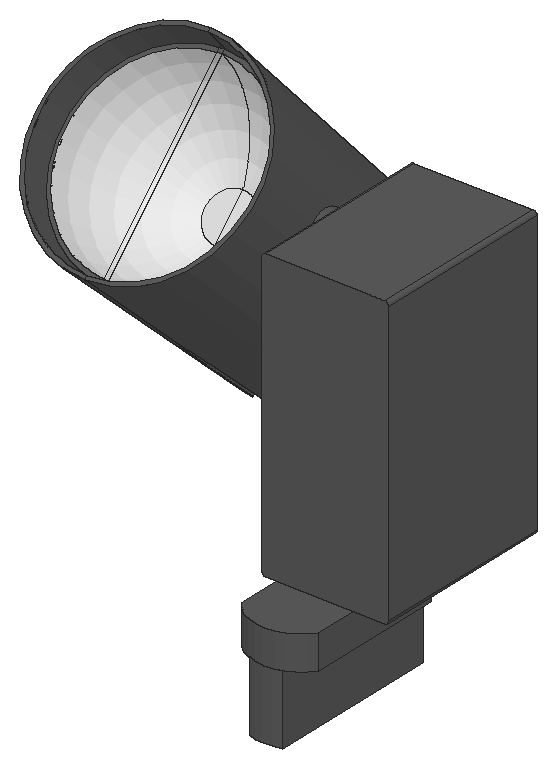
Revit family "0004949 Feilo Sylvania Lighting Fixture START TRACK SPOT S DALI 2141LM 940 MB BLK", category Lighting Fixtures, host Face, Revit 2017
Family settings
  Host = Face
  Round Connector Dimension = Use Diameter
  Part Type = Normal
  OmniClass Number = 23.80.70.00
  OmniClass Title = Lighting
  Cut with Voids When Loaded = No
  Light Source = No
  Shared = No
  Room Calculation Point = No
Parameters (values of type "0004949 START TRACK SPOT S DALI 2141LM 940 MB BLK")
  Weight = "0.966 kg"
  Wattage Comments = ""
  WarrantyStartDate [instance] = "n/a"
  WarrantyGuarantorParts = "n/a"
  WarrantyDurationUnit = "n/a"
  WarrantyDurationParts = "n/a"
  WarrantyDescription = "n/a"
  Voltage = 230 V
  URL = "http://www.sylvania-lighting.com/"
  TypeName = "START TRACK SPOT S DALI 2141LM 940 MB BLK"
  TypeHead_FEILO = Start Track Spot Head : 0004899 START TRACK SPOT S 24W 4K RA90 MB BLACK
  TypeBox_FEILO = Start Track Spot Box : Type Small Black
  Type Image = <None>
  Type Comments = "n/a"
  VerticalRotation_FEILO [instance] = 0.00°
  SlideEndAngle_FEILO [instance] = VerticalRotation_FEILO + 180.00°  # 180.00°
  SerialNumber [instance] = "n/a"
  Material_3_FEILO = none
  PowerFactor = 0.95
  PowerConsumption = "24 W"
  NominalLength = 0 mm
  NominalHeight = 200 mm
  NominalDepth = 140 mm
  Name = "START TRACK SPOT S DALI 2141LM 940 MB BLK"
  ModelReference = Name  # "START TRACK SPOT S DALI 2141LM 940 MB BLK"
  ModelNumber = "0004949"
  Model = Name  # "START TRACK SPOT S DALI 2141LM 940 MB BLK"
  Material = "adc12 aluminium housing, polycarbonate diffuser"
  ManufacturerName = "Feilo Sylvania"
  Manufacturer = "Feilo Sylvania"
  LuminousEfficacy = "89 lm/W"
  LuminaireType = ""
  LightOutputRatio = "100"
  LampsType = Lamp  # "LED"
  LampNominalLuminous = "2141 lm"
  LampMacAdamStep = "3"
  LampColourTemperature = "4000 K"
  LampColourRenderingIndex = "90"
  Lamp = "LED"
  Keynote = "16500"
  InstallationDate [instance] = "n/a"
  InputVoltage = "230-240V~"
  InputNominalFrequency = "50/60 Hz"
  IngressProtection = "IP20"
  ImpactProtectionIndex = "IK02"
  IfcExportType = "IfcLightFixtureType"
  IfcExportAs = "IfcLightFixtureType"
  HorizontalRotation_FEILO [instance] = 45.00°
  ExpectedLife = 50000
  ElectricShockClassification = "Class II"
  DurationUnit = "hours"
  DocumentationLiterature = "http://www.sylvania-lighting.com/product/en-int/products/0004899"
  DimmingControlOptions = "Dimmable"
  Material_2_FEILO = none
  Description = "Integrated LED spotlight, Textured Black - RAL9005, compact and minimalist design, ideal for retail applications, die-cast aluminium body, passive cooling heatsink. Beam angle: 36°, color temperature: 4000K , total system power: 24W, total fixture output: 2141 lm, LOR: 100%, colour rendering: Ra: 90 typical, LED Chromaticity: 3 step MacAdam ellipse, lifetime: >50000 hours at L70B50, energy class: A++, A+, A, IR/UV free light source without heat radiation, operating voltage: 220-240V / 50-60Hz, drive current: 600mA, electronic driver, non-dimmable, power factor: 0.95, electrical protection: Class II, Global Track 3 Phase adapter suitable for Global trac 3-circuit tracks, ingress protection rating: IP20, suitable for internal environment only, horizontal rotation: 355°, vertical tilt: 90°, dimensions: Ø86x140x200, weight: 0.966kg."
  Default Elevation = 1219.2 mm
  CreatedOn = "04/26/2018"
  CreatedBy = ""
  Cost = 0
  built-in parameter 1114216 [instance] = (empty or 0)
  ClassificationValue = "EF_70_80"
  ClassificationName = "Uniclass2015"
  Material_1_FEILO = Body-Sylvania-StartTrackSpot-Black
  BarCode [instance] = "n/a"
  AssetType = "Fixed"
  AssetIdentifier [instance] = "n/a"
  Assembly Code = "D5020200"
  Apparent Load = 24 VA
  Material_4_FEILO = none
Reference planes
  plane 1 "Center (Front/Back)": y = 0
  plane 2: z = 0
  plane 3 "Center (Left/Right)": x = 0
  plane 4: x = 15
  plane 5: x = -15
  plane 6: y = 35
  plane 7: y = -35
  plane 8: z = 13
  plane 9: z = -27
  plane 10: x = 6.5
  plane 11: x = -6.5
  plane 12: y = 27
  plane 13: y = -27
  plane 14: y = 20
Forms (mm)
  Extrusion 1, solid, material "Body-Sylvania-StartTrackSpot-Black" <- "Material_1_FEILO"
    sketch origin (0, 0, 0) x (1, 0, 0) y (0, 1, 0)
      loop
        line (-15, 27) -> (-15, -27)
        arc (-15, -27) -> (0, -35) -> (15, -27) r 18.062
        line (15, -27) -> (15, 27)
        arc (15, 27) -> (0, 35) -> (-15, 27) r 18.062
    from 0 to 13
  Extrusion 2, solid, material "Body-Sylvania-StartTrackSpot-Black" <- "Material_1_FEILO"
    sketch origin (0, 0, 0) x (1, 0, 0) y (0, 1, 0)
      loop
        arc (6.5, 33.79) -> (0, 35) -> (-6.5, 33.79) r 18.062
        line (-6.5, 33.79) -> (-6.5, -33.79)
        arc (-6.5, -33.79) -> (0, -35) -> (6.5, -33.79) r 18.062
        line (6.5, -33.79) -> (6.5, 33.79)
    from 0 to -27
  Revolve 3, solid, not visible
    sketch origin (1524, 20, 1219.2) x (1, 0, 0) y (0, 0, 1)
      loop
        line (-1524, -1206.2) -> (-1524, -1191.285) -> (-1530.5, -1191.285) -> (-1530.5, -1206.2) -> (-1524, -1206.2)
      axis (-1524, -1191.285) -> (-1524, -1206.2)
    angle from 0 <- "VerticalRotation_FEILO" to 180 <- "SlideEndAngle_FEILO"
Cuts and joins
  joined: Extrusion 1, Extrusion 2
Dimensions and locks
  equal spacing: plane 10, plane 3 "Center (Left/Right)", plane 11
  equal spacing: plane 4, plane 3 "Center (Left/Right)", plane 5
  locked: plane 8 to plane 2 at 13
  locked: plane 8 to plane 9 at 40
  equal spacing: plane 13, plane 1 "Center (Front/Back)", plane 12
  locked: plane 12 to plane 6 at 8
  locked: plane 14 to plane 6 at 15
  locked: Revolve 3 sketch curve to plane 8 at 14.915
  aligned and locked: plane 2 to host face
  aligned and locked: level to host face
  aligned and locked: plane 5 to Extrusion 1 sketch curve  (x2)
  aligned and locked: plane 12 to Extrusion 1 sketch curve
  aligned and locked: plane 13 to Extrusion 1 sketch curve
  aligned and locked: plane 4 to Extrusion 1 sketch curve
  aligned and locked: Extrusion 1 to plane 8
  aligned and locked: Extrusion 1 to level
  aligned and locked: Extrusion 2 sketch curve to Extrusion 1  (x2)
  aligned and locked: Extrusion 2 sketch curve to plane 11
  aligned and locked: plane 10 to Extrusion 2 sketch curve
  aligned and locked: plane 9 to Extrusion 2
  aligned and locked: level to Extrusion 2
  aligned and locked: Revolve 3 sketch curve to plane 3 "Center (Left/Right)"  (x2)
  aligned and locked: plane 11 to Revolve 3 sketch curve
  aligned and locked: Revolve 3 sketch curve to plane 8
Automatic sketch dimensions
  host sketch curve to host sketch curve = 2438.4 mm  (x2)
  Extrusion 1 sketch curve to plane 3 "Center (Left/Right)" = 0 mm  (x2)
  Extrusion 1 sketch curve to plane 13 = 10.062 mm
  plane 12 to Extrusion 1 sketch curve = 10.062 mm
  Revolve 3 sketch curve to plane 3 "Center (Left/Right)" = 0 mm
  plane 9 to Revolve 3 sketch curve = 582.6 mm
  Revolve 3 sketch curve to Revolve 3 sketch curve = 2581.144 mm
Nested families
  nested 1: "Start Track Spot Head" at (-62, 20, 112.529) x (0, 0.7071, 0.7071) z (0, 0.7071, -0.7071), type <- "TypeHead_FEILO", type "0004899 START TRACK SPOT S 24W 4K RA90 MB BLACK"
    with built-in parameter 1114216 (empty or 0)
  nested 2: "Start Track Spot Box" at (8.5, 20, 73) x (-1, 0, 0) z (0, -1, 0), BoxStartAngle_FEILO <- "HorizontalRotation_FEILO", type <- "TypeBox_FEILO", type "Type Small Black"
    with BoxStartAngle_FEILO 45.00°, BoxEndAngle_FEILO -135.00°
Connectors
  electrical at (0, 0, 0), driven by "Apparent Load", driven by "PowerFactor", driven by "Voltage"
    settings: index 1, voltage 230 V, apparent load 24 VA, apparent load phase1 0 VA, apparent load phase2 0 VA, apparent load phase3 0 VA, power factor 0.95, load classification "Lighting", number of poles 1, system type 30, power factor state 1, is connector primary yes, connector utility no, sub classification motor no, connector description ""
Definition of nested family "Start Track Spot Head"
  Parameters (values of type "0004811 START TRACK SPOT S 14W 3K RA80 NB WHITE")
    Wattage Comments = "n/a"
    Wattage = 14 W
    built-in parameter 1150110 = 1 (stored number, unit not read)
    URL = "http://www.feilosylvania.com"
    Type Image = (empty or 0)
    Type Comments = "n/a"
    built-in parameter 1114217 = 1 (stored number, unit not read)
    Tilt Angle = -90.00°
    built-in parameter 1150109 = 1 (stored number, unit not read)
    built-in parameter 1150134 = (empty or 0)
    built-in parameter 1150113 = 1 (stored number, unit not read)
    Photometric Web File = "0004811.ies"
    Material_3_FEILO = none
    Model = "START TRACK SPOT S 14W 3K RA80 NB WHITE"
    Manufacturer = "Feilo Sylvania"
    built-in parameter 1150105 = 123.66 (stored number, unit not read)
    Lumens = 1554 lm
    built-in parameter 1150115 = 1 (stored number, unit not read)
    built-in parameter 1150137 = (empty or 0)
    built-in parameter 1150139 = (empty or 0)
    built-in parameter 1150112 = 1 (stored number, unit not read)
    built-in parameter 1150114 = 1 (stored number, unit not read)
    Lamp = "LED"
    Keynote = "16500"
    Material_2_FEILO = none
    built-in parameter 1150132 = (empty or 0)
    built-in parameter 1150102 = (empty or 0)
    built-in parameter 1150107 = 3000 (stored number, unit not read)
    built-in parameter 1150138 = (empty or 0)
    built-in parameter 1150106 = 1.2366 (stored number, unit not read)
    HeadThickness_FEILO = if(HeadDiaOut_FEILO > 112 mm, 2 mm, 1.5 mm)  # 1.5 mm
    HeadRibOffset_FEILO = HeadHeight_FEILO / 28  # 4.179 mm
    HeadRibDepth_FEILO = HeadHeight_FEILO / 2.1  # 55.714 mm
    HeadRibCutWidth_FEILO = HeadDiaOut_FEILO / 12  # 7.167 mm
    HeadRibCutOffset_FEILO = HeadHeight_FEILO / 2.3  # 50.87 mm
    HeadReflectorRadius_FEILO = HeadDiaOut_FEILO / 1.7  # 50.588 mm
    HeadReflectorOffset_FEILO = HeadHeight_FEILO / 2.1  # 55.714 mm
    HeadLEDRadius_FEILO = HeadDiaOut_FEILO / 9  # 9.556 mm
    HeadHeight_FEILO = 117 mm
    HeadDraft_FEILO = 1 mm
    HeadDiffusorThickness_FEILO = 3 mm
    HeadDiffusorOffset_FEILO = HeadHeight_FEILO / 12.4  # 9.435 mm
    HeadDiaOut_FEILO = 86 mm
    HeadDiaIn_FEILO = HeadDiaOut_FEILO / 1.11  # 77.477 mm
    HeadAxisFromTop_FEILO = HeadHeight_FEILO / 1.687  # 69.354 mm
    Emit from Circle Diameter = HeadDiaIn_FEILO  # 77.477 mm
    Emit Shape Visible in Rendering = no
    built-in parameter 1150104 = 10.312 (stored number, unit not read)
    Dimming Lamp Color Temperature Shift = (empty or 0)
    Description = "Integrated LED spotlight, Textured White - RAL9016, compact and minimalist design, ideal for retail applications, die-cast aluminium body, passive cooling heatsink. Beam angle: 12°, color temperature: 3000K , total system power: 14W, total fixture output: 1551 lm, LOR: 100%, colour rendering: Ra: 80 typical, LED Chromaticity: 3 step MacAdam ellipse, lifetime: >50000 hours at L70B50, energy class: A++, A+, A, IR/UV free light source without heat radiation, operating voltage: 220-240V / 50-60Hz, drive current: 350mA, electronic driver, non-dimmable, power factor: 0.92, electrical protection: Class II, Global Track 3 Phase adapter suitable for Global trac 3-circuit tracks, ingress protection rating: IP20, suitable for internal environment only, horizontal rotation: 355°, vertical tilt: 90°, dimensions: Ø86x140x200, weight: 0.940kg."
    Default Elevation = 1219.2 mm
    Cost = 0
    Color Filter = 16777215
    built-in parameter 1114216 [instance] = (empty or 0)
    Material_1_FEILO = none
    built-in parameter 1114218 = 1 (stored number, unit not read)
    built-in parameter 1150133 = 10 (stored number, unit not read)
    Assembly Code = "D5020200"
    Apparent Load = 14 VA
    Material_4_FEILO = none
  Types (96, lengths in mm): name | Wattage | built-in parameter 1150134 | Photometric Web File | Model | built-in parameter 1150105 | Lumens | built-in parameter 1150107 | built-in parameter 1150106 | HeadThickness_FEILO | HeadRibOffset_FEILO | HeadRibDepth_FEILO | HeadRibCutWidth_FEILO | HeadRibCutOffset_FEILO | HeadReflectorRadius_FEILO | HeadReflectorOffset_FEILO | HeadLEDRadius_FEILO | HeadHeight_FEILO | HeadDiffusorOffset_FEILO | HeadDiaOut_FEILO | HeadDiaIn_FEILO | HeadAxisFromTop_FEILO | Emit from Circle Diameter | built-in parameter 1150104 | Description | Apparent Load
    0004906 START TRACK SPOT L 55W 4K RA90 WB BLACK | 55 W | 12 | "0004906.ies" | "START TRACK SPOT L 55W 4K RA90 WB BLACK" | 385.15 (stored number, unit not read) | 4840 lm | 4000 (stored number, unit not read) | 3.8515 (stored number, unit not read) | 2 | 4.429 | 59.048 | 9.417 | 53.913 | 66.471 | 59.048 | 12.556 | 124 | 10 | 113 | 101.802 | 73.503 | 101.802 | 8.1755 (stored number, unit not read) | "Integrated LED spotlight, Textured Black - RAL9005, compact and minimalist design, ideal for retail applications, die-cast aluminium body, passive cooling heatsink. Beam angle: 52°, color temperature: 4000K , total system power: 55W, total fixture output: 4824 lm, LOR: 100%, colour rendering: Ra: 90 typical, LED Chromaticity: 3 step MacAdam ellipse, lifetime: >50000 hours at L70B50, energy class: A++, A+, A, IR/UV free light source without heat radiation, operating voltage: 220-240V / 50-60Hz, drive current: 1400mA, electronic driver, non-dimmable, power factor: 0.96, electrical protection: Class II, Global Track 3 Phase adapter suitable for Global trac 3-circuit tracks, ingress protection rating: IP20, suitable for internal environment only, horizontal rotation: 355°, vertical tilt: 90°, dimensions: Ø113x164x240, weight: 1.398kg." | 55 VA
    0004905 START TRACK SPOT L 55W 4K RA90 MB BLACK | 55 W | 12 | "0004905.ies" | "START TRACK SPOT L 55W 4K RA90 MB BLACK" | 389.53 (stored number, unit not read) | 4895 lm | 4000 (stored number, unit not read) | 3.8953 (stored number, unit not read) | 2 | 4.429 | 59.048 | 9.417 | 53.913 | 66.471 | 59.048 | 12.556 | 124 | 10 | 113 | 101.802 | 73.503 | 101.802 | 8.2684 (stored number, unit not read) | "Integrated LED spotlight, Textured Black - RAL9005, compact and minimalist design, ideal for retail applications, die-cast aluminium body, passive cooling heatsink. Beam angle: 38°, color temperature: 4000K , total system power: 55W, total fixture output: 4897 lm, LOR: 100%, colour rendering: Ra: 90 typical, LED Chromaticity: 3 step MacAdam ellipse, lifetime: >50000 hours at L70B50, energy class: A++, A+, A, IR/UV free light source without heat radiation, operating voltage: 220-240V / 50-60Hz, drive current: 1400mA, electronic driver, non-dimmable, power factor: 0.96, electrical protection: Class II, Global Track 3 Phase adapter suitable for Global trac 3-circuit tracks, ingress protection rating: IP20, suitable for internal environment only, horizontal rotation: 355°, vertical tilt: 90°, dimensions: Ø113x164x240, weight: 1.398kg." | 55 VA
    0004904 START TRACK SPOT L 55W 4K RA90 NB BLACK | 55 W | 12 | "0004904.ies" | "START TRACK SPOT L 55W 4K RA90 NB BLACK" | 393.91 (stored number, unit not read) | 4950 lm | 4000 (stored number, unit not read) | 3.9391 (stored number, unit not read) | 2 | 4.429 | 59.048 | 9.417 | 53.913 | 66.471 | 59.048 | 12.556 | 124 | 10 | 113 | 101.802 | 73.503 | 101.802 | 8.3613 (stored number, unit not read) | "Integrated LED spotlight, Textured Black - RAL9005, compact and minimalist design, ideal for retail applications, die-cast aluminium body, passive cooling heatsink. Beam angle: 15°, color temperature: 4000K , total system power: 55W, total fixture output: 4965 lm, LOR: 100%, colour rendering: Ra: 90 typical, LED Chromaticity: 3 step MacAdam ellipse, lifetime: >50000 hours at L70B50, energy class: A++, A+, A, IR/UV free light source without heat radiation, operating voltage: 220-240V / 50-60Hz, drive current: 1400mA, electronic driver, non-dimmable, power factor: 0.96, electrical protection: Class II, Global Track 3 Phase adapter suitable for Global trac 3-circuit tracks, ingress protection rating: IP20, suitable for internal environment only, horizontal rotation: 355°, vertical tilt: 90°, dimensions: Ø113x164x240, weight: 1.398kg." | 55 VA
    0004903 START TRACK SPOT L 35W 4K RA90 WB BLACK | 35 W | 12 | "0004903.ies" | "START TRACK SPOT L 35W 4K RA90 WB BLACK" | 284.09 (stored number, unit not read) | 3570 lm | 4000 (stored number, unit not read) | 2.8409 (stored number, unit not read) | 2 | 4.429 | 59.048 | 9.417 | 53.913 | 66.471 | 59.048 | 12.556 | 124 | 10 | 113 | 101.802 | 73.503 | 101.802 | 9.4761 (stored number, unit not read) | "Integrated LED spotlight, Textured Black - RAL9005, compact and minimalist design, ideal for retail applications, die-cast aluminium body, passive cooling heatsink. Beam angle: 52°, color temperature: 4000K , total system power: 35W, total fixture output: 3562 lm, LOR: 100%, colour rendering: Ra: 90 typical, LED Chromaticity: 3 step MacAdam ellipse, lifetime: >50000 hours at L70B50, energy class: A++, A+, A, IR/UV free light source without heat radiation, operating voltage: 220-240V / 50-60Hz, drive current: 900mA, electronic driver, non-dimmable, power factor: 0.93, electrical protection: Class II, Global Track 3 Phase adapter suitable for Global trac 3-circuit tracks, ingress protection rating: IP20, suitable for internal environment only, horizontal rotation: 355°, vertical tilt: 90°, dimensions: Ø113x164x240, weight: 1.368kg." | 35 VA
    0004902 START TRACK SPOT L 35W 4K RA90 MB BLACK | 35 W | 12 | "0004902.ies" | "START TRACK SPOT L 35W 4K RA90 MB BLACK" | 286.88 (stored number, unit not read) | 3605 lm | 4000 (stored number, unit not read) | 2.8688 (stored number, unit not read) | 2 | 4.429 | 59.048 | 9.417 | 53.913 | 66.471 | 59.048 | 12.556 | 124 | 10 | 113 | 101.802 | 73.503 | 101.802 | 9.569 (stored number, unit not read) | "Integrated LED spotlight, Textured Black - RAL9005, compact and minimalist design, ideal for retail applications, die-cast aluminium body, passive cooling heatsink. Beam angle: 38°, color temperature: 4000K , total system power: 35W, total fixture output: 3616 lm, LOR: 100%, colour rendering: Ra: 90 typical, LED Chromaticity: 3 step MacAdam ellipse, lifetime: >50000 hours at L70B50, energy class: A++, A+, A, IR/UV free light source without heat radiation, operating voltage: 220-240V / 50-60Hz, drive current: 900mA, electronic driver, non-dimmable, power factor: 0.93, electrical protection: Class II, Global Track 3 Phase adapter suitable for Global trac 3-circuit tracks, ingress protection rating: IP20, suitable for internal environment only, horizontal rotation: 355°, vertical tilt: 90°, dimensions: Ø113x164x240, weight: 1.368kg." | 35 VA
    0004901 START TRACK SPOT L 35W 4K RA90 NB BLACK | 35 W | 12 | "0004901.ies" | "START TRACK SPOT L 35W 4K RA90 NB BLACK" | 286.88 (stored number, unit not read) | 3605 lm | 4000 (stored number, unit not read) | 2.8688 (stored number, unit not read) | 2 | 4.429 | 59.048 | 9.417 | 53.913 | 66.471 | 59.048 | 12.556 | 124 | 10 | 113 | 101.802 | 73.503 | 101.802 | 9.569 (stored number, unit not read) | "Integrated LED spotlight, Textured Black - RAL9005, compact and minimalist design, ideal for retail applications, die-cast aluminium body, passive cooling heatsink. Beam angle: 15°, color temperature: 4000K , total system power: 35W, total fixture output: 3593 lm, LOR: 100%, colour rendering: Ra: 90 typical, LED Chromaticity: 3 step MacAdam ellipse, lifetime: >50000 hours at L70B50, energy class: A++, A+, A, IR/UV free light source without heat radiation, operating voltage: 220-240V / 50-60Hz, drive current: 900mA, electronic driver, non-dimmable, power factor: 0.93, electrical protection: Class II, Global Track 3 Phase adapter suitable for Global trac 3-circuit tracks, ingress protection rating: IP20, suitable for internal environment only, horizontal rotation: 355°, vertical tilt: 90°, dimensions: Ø113x164x240, weight: 1.368kg." | 35 VA
    0004900 START TRACK SPOT S 24W 4K RA90 WB BLACK | 24 W | 12 | "0004900.ies" | "START TRACK SPOT S 24W 4K RA90 WB BLACK" | 166.16 (stored number, unit not read) | 2088 lm | 4000 (stored number, unit not read) | 1.6616 (stored number, unit not read) | 1.5 | 4.179 | 55.714 | 7.167 | 50.87 | 50.588 | 55.714 | 9.556 | 117 | 9.435 | 86 | 77.477 | 69.354 | 77.477 | 8.0826 (stored number, unit not read) | "Integrated LED spotlight, Textured Black - RAL9005, compact and minimalist design, ideal for retail applications, die-cast aluminium body, passive cooling heatsink. Beam angle: 64°, color temperature: 4000K , total system power: 24W, total fixture output: 2087 lm, LOR: 100%, colour rendering: Ra: 90 typical, LED Chromaticity: 3 step MacAdam ellipse, lifetime: >50000 hours at L70B50, energy class: A++, A+, A, IR/UV free light source without heat radiation, operating voltage: 220-240V / 50-60Hz, drive current: 600mA, electronic driver, non-dimmable, power factor: 0.95, electrical protection: Class II, Global Track 3 Phase adapter suitable for Global trac 3-circuit tracks, ingress protection rating: IP20, suitable for internal environment only, horizontal rotation: 355°, vertical tilt: 90°, dimensions: Ø86x140x200, weight: 0.966kg." | 24 VA
    0004899 START TRACK SPOT S 24W 4K RA90 MB BLACK | 24 W | 12 | "0004899.ies" | "START TRACK SPOT S 24W 4K RA90 MB BLACK" | 169.98 (stored number, unit not read) | 2136 lm | 4000 (stored number, unit not read) | 1.6998 (stored number, unit not read) | 1.5 | 4.179 | 55.714 | 7.167 | 50.87 | 50.588 | 55.714 | 9.556 | 117 | 9.435 | 86 | 77.477 | 69.354 | 77.477 | 8.2684 (stored number, unit not read) | "Integrated LED spotlight, Textured Black - RAL9005, compact and minimalist design, ideal for retail applications, die-cast aluminium body, passive cooling heatsink. Beam angle: 36°, color temperature: 4000K , total system power: 24W, total fixture output: 2141 lm, LOR: 100%, colour rendering: Ra: 90 typical, LED Chromaticity: 3 step MacAdam ellipse, lifetime: >50000 hours at L70B50, energy class: A++, A+, A, IR/UV free light source without heat radiation, operating voltage: 220-240V / 50-60Hz, drive current: 600mA, electronic driver, non-dimmable, power factor: 0.95, electrical protection: Class II, Global Track 3 Phase adapter suitable for Global trac 3-circuit tracks, ingress protection rating: IP20, suitable for internal environment only, horizontal rotation: 355°, vertical tilt: 90°, dimensions: Ø86x140x200, weight: 0.966kg." | 24 VA
    0004898 START TRACK SPOT S 24W 4K RA90 NB BLACK | 24 W | 12 | "0004898.ies" | "START TRACK SPOT S 24W 4K RA90 NB BLACK" | 171.89 (stored number, unit not read) | 2160 lm | 4000 (stored number, unit not read) | 1.7189 (stored number, unit not read) | 1.5 | 4.179 | 55.714 | 7.167 | 50.87 | 50.588 | 55.714 | 9.556 | 117 | 9.435 | 86 | 77.477 | 69.354 | 77.477 | 8.3613 (stored number, unit not read) | "Integrated LED spotlight, Textured Black - RAL9005, compact and minimalist design, ideal for retail applications, die-cast aluminium body, passive cooling heatsink. Beam angle: 12°, color temperature: 4000K , total system power: 24W, total fixture output: 2155 lm, LOR: 100%, colour rendering: Ra: 90 typical, LED Chromaticity: 3 step MacAdam ellipse, lifetime: >50000 hours at L70B50, energy class: A++, A+, A, IR/UV free light source without heat radiation, operating voltage: 220-240V / 50-60Hz, drive current: 600mA, electronic driver, non-dimmable, power factor: 0.95, electrical protection: Class II, Global Track 3 Phase adapter suitable for Global trac 3-circuit tracks, ingress protection rating: IP20, suitable for internal environment only, horizontal rotation: 355°, vertical tilt: 90°, dimensions: Ø86x140x200, weight: 0.966kg." | 24 VA
    0004897 START TRACK SPOT S 14W 4K RA90 WB BLACK | 14 W | 12 | "0004897.ies" | "START TRACK SPOT S 14W 4K RA90 WB BLACK" | 108.07 (stored number, unit not read) | 1358 lm | 4000 (stored number, unit not read) | 1.0807 (stored number, unit not read) | 1.5 | 4.179 | 55.714 | 7.167 | 50.87 | 50.588 | 55.714 | 9.556 | 117 | 9.435 | 86 | 77.477 | 69.354 | 77.477 | 9.0116 (stored number, unit not read) | "Integrated LED spotlight, Textured Black - RAL9005, compact and minimalist design, ideal for retail applications, die-cast aluminium body, passive cooling heatsink. Beam angle: 64°, color temperature: 4000K , total system power: 14W, total fixture output: 1352 lm, LOR: 100%, colour rendering: Ra: 90 typical, LED Chromaticity: 3 step MacAdam ellipse, lifetime: >50000 hours at L70B50, energy class: A++, A+, A, IR/UV free light source without heat radiation, operating voltage: 220-240V / 50-60Hz, drive current: 350mA, electronic driver, non-dimmable, power factor: 0.92, electrical protection: Class II, Global Track 3 Phase adapter suitable for Global trac 3-circuit tracks, ingress protection rating: IP20, suitable for internal environment only, horizontal rotation: 355°, vertical tilt: 90°, dimensions: Ø86x140x200, weight: 0.940kg." | 14 VA
    0004896 START TRACK SPOT S 14W 4K RA90 MB BLACK | 14 W | 12 | "0004896.ies" | "START TRACK SPOT S 14W 4K RA90 MB BLACK" | 108.07 (stored number, unit not read) | 1358 lm | 4000 (stored number, unit not read) | 1.0807 (stored number, unit not read) | 1.5 | 4.179 | 55.714 | 7.167 | 50.87 | 50.588 | 55.714 | 9.556 | 117 | 9.435 | 86 | 77.477 | 69.354 | 77.477 | 9.0116 (stored number, unit not read) | "Integrated LED spotlight, Textured Black - RAL9005, compact and minimalist design, ideal for retail applications, die-cast aluminium body, passive cooling heatsink. Beam angle: 36°, color temperature: 4000K , total system power: 14W, total fixture output: 1359 lm, LOR: 100%, colour rendering: Ra: 90 typical, LED Chromaticity: 3 step MacAdam ellipse, lifetime: >50000 hours at L70B50, energy class: A++, A+, A, IR/UV free light source without heat radiation, operating voltage: 220-240V / 50-60Hz, drive current: 350mA, electronic driver, non-dimmable, power factor: 0.92, electrical protection: Class II, Global Track 3 Phase adapter suitable for Global trac 3-circuit tracks, ingress protection rating: IP20, suitable for internal environment only, horizontal rotation: 355°, vertical tilt: 90°, dimensions: Ø86x140x200, weight: 0.940kg." | 14 VA
    0004895 START TRACK SPOT S 14W 4K RA90 NB BLACK | 14 W | 12 | "0004895.ies" | "START TRACK SPOT S 14W 4K RA90 NB BLACK" | 106.95 (stored number, unit not read) | 1344 lm | 4000 (stored number, unit not read) | 1.0695 (stored number, unit not read) | 1.5 | 4.179 | 55.714 | 7.167 | 50.87 | 50.588 | 55.714 | 9.556 | 117 | 9.435 | 86 | 77.477 | 69.354 | 77.477 | 8.9187 (stored number, unit not read) | "Integrated LED spotlight, Textured Black - RAL9005, compact and minimalist design, ideal for retail applications, die-cast aluminium body, passive cooling heatsink. Beam angle: 12°, color temperature: 4000K , total system power: 14W, total fixture output: 1349 lm, LOR: 100%, colour rendering: Ra: 90 typical, LED Chromaticity: 3 step MacAdam ellipse, lifetime: >50000 hours at L70B50, energy class: A++, A+, A, IR/UV free light source without heat radiation, operating voltage: 220-240V / 50-60Hz, drive current: 350mA, electronic driver, non-dimmable, power factor: 0.92, electrical protection: Class II, Global Track 3 Phase adapter suitable for Global trac 3-circuit tracks, ingress protection rating: IP20, suitable for internal environment only, horizontal rotation: 355°, vertical tilt: 90°, dimensions: Ø86x140x200, weight: 0.940kg." | 14 VA
    0004894 START TRACK SPOT L 55W 3K RA90 WB BLACK | 55 W | (empty or 0) | "0004894.ies" | "START TRACK SPOT L 55W 3K RA90 WB BLACK" | 350.14 (stored number, unit not read) | 4400 lm | 3000 (stored number, unit not read) | 3.5014 (stored number, unit not read) | 2 | 4.429 | 59.048 | 9.417 | 53.913 | 66.471 | 59.048 | 12.556 | 124 | 10 | 113 | 101.802 | 73.503 | 101.802 | 7.4322 (stored number, unit not read) | "Integrated LED spotlight, Textured Black - RAL9005, compact and minimalist design, ideal for retail applications, die-cast aluminium body, passive cooling heatsink. Beam angle: 52°, color temperature: 3000K , total system power: 55W, total fixture output: 4405 lm, LOR: 100%, colour rendering: Ra: 90 typical, LED Chromaticity: 3 step MacAdam ellipse, lifetime: >50000 hours at L70B50, energy class: A++, A+, A, IR/UV free light source without heat radiation, operating voltage: 220-240V / 50-60Hz, drive current: 1400mA, electronic driver, non-dimmable, power factor: 0.96, electrical protection: Class II, Global Track 3 Phase adapter suitable for Global trac 3-circuit tracks, ingress protection rating: IP20, suitable for internal environment only, horizontal rotation: 355°, vertical tilt: 90°, dimensions: Ø113x164x240, weight: 1.398kg." | 55 VA
    0004893 START TRACK SPOT L 55W 3K RA90 MB BLACK | 55 W | (empty or 0) | "0004893.ies" | "START TRACK SPOT L 55W 3K RA90 MB BLACK" | 354.52 (stored number, unit not read) | 4455 lm | 3000 (stored number, unit not read) | 3.5452 (stored number, unit not read) | 2 | 4.429 | 59.048 | 9.417 | 53.913 | 66.471 | 59.048 | 12.556 | 124 | 10 | 113 | 101.802 | 73.503 | 101.802 | 7.5251 (stored number, unit not read) | "Integrated LED spotlight, Textured Black - RAL9005, compact and minimalist design, ideal for retail applications, die-cast aluminium body, passive cooling heatsink. Beam angle: 38°, color temperature: 3000K , total system power: 55W, total fixture output: 4448 lm, LOR: 100%, colour rendering: Ra: 90 typical, LED Chromaticity: 3 step MacAdam ellipse, lifetime: >50000 hours at L70B50, energy class: A++, A+, A, IR/UV free light source without heat radiation, operating voltage: 220-240V / 50-60Hz, drive current: 1400mA, electronic driver, non-dimmable, power factor: 0.96, electrical protection: Class II, Global Track 3 Phase adapter suitable for Global trac 3-circuit tracks, ingress protection rating: IP20, suitable for internal environment only, horizontal rotation: 355°, vertical tilt: 90°, dimensions: Ø113x164x240, weight: 1.398kg." | 55 VA
    0004892 START TRACK SPOT L 55W 3K RA90 NB BLACK | 55 W | (empty or 0) | "0004892.ies" | "START TRACK SPOT L 55W 3K RA90 NB BLACK" | 350.14 (stored number, unit not read) | 4400 lm | 3000 (stored number, unit not read) | 3.5014 (stored number, unit not read) | 2 | 4.429 | 59.048 | 9.417 | 53.913 | 66.471 | 59.048 | 12.556 | 124 | 10 | 113 | 101.802 | 73.503 | 101.802 | 7.4322 (stored number, unit not read) | "Integrated LED spotlight, Textured Black - RAL9005, compact and minimalist design, ideal for retail applications, die-cast aluminium body, passive cooling heatsink. Beam angle: 15°, color temperature: 3000K , total system power: 55W, total fixture output: 4416 lm, LOR: 100%, colour rendering: Ra: 90 typical, LED Chromaticity: 3 step MacAdam ellipse, lifetime: >50000 hours at L70B50, energy class: A++, A+, A, IR/UV free light source without heat radiation, operating voltage: 220-240V / 50-60Hz, drive current: 1400mA, electronic driver, non-dimmable, power factor: 0.96, electrical protection: Class II, Global Track 3 Phase adapter suitable for Global trac 3-circuit tracks, ingress protection rating: IP20, suitable for internal environment only, horizontal rotation: 355°, vertical tilt: 90°, dimensions: Ø113x164x240, weight: 1.398kg." | 55 VA
    0004891 START TRACK SPOT L 35W 3K RA90 WB BLACK | 35 W | (empty or 0) | "0004891.ies" | "START TRACK SPOT L 35W 3K RA90 WB BLACK" | 259.02 (stored number, unit not read) | 3255 lm | 3000 (stored number, unit not read) | 2.5902 (stored number, unit not read) | 2 | 4.429 | 59.048 | 9.417 | 53.913 | 66.471 | 59.048 | 12.556 | 124 | 10 | 113 | 101.802 | 73.503 | 101.802 | 8.64 (stored number, unit not read) | "Integrated LED spotlight, Textured Black - RAL9005, compact and minimalist design, ideal for retail applications, die-cast aluminium body, passive cooling heatsink. Beam angle: 52°, color temperature: 3000K , total system power: 35W, total fixture output: 3260 lm, LOR: 100%, colour rendering: Ra: 90 typical, LED Chromaticity: 3 step MacAdam ellipse, lifetime: >50000 hours at L70B50, energy class: A++, A+, A, IR/UV free light source without heat radiation, operating voltage: 220-240V / 50-60Hz, drive current: 900mA, electronic driver, non-dimmable, power factor: 0.93, electrical protection: Class II, Global Track 3 Phase adapter suitable for Global trac 3-circuit tracks, ingress protection rating: IP20, suitable for internal environment only, horizontal rotation: 355°, vertical tilt: 90°, dimensions: Ø113x164x240, weight: 1.368kg." | 35 VA
    0004890 START TRACK SPOT L 35W 3K RA90 MB BLACK | 35 W | (empty or 0) | "0004890.ies" | "START TRACK SPOT L 35W 3K RA90 MB BLACK" | 261.81 (stored number, unit not read) | 3290 lm | 3000 (stored number, unit not read) | 2.6181 (stored number, unit not read) | 2 | 4.429 | 59.048 | 9.417 | 53.913 | 66.471 | 59.048 | 12.556 | 124 | 10 | 113 | 101.802 | 73.503 | 101.802 | 8.7329 (stored number, unit not read) | "Integrated LED spotlight, Textured Black - RAL9005, compact and minimalist design, ideal for retail applications, die-cast aluminium body, passive cooling heatsink. Beam angle: 38°, color temperature: 3000K , total system power: 35W, total fixture output: 3306 lm, LOR: 100%, colour rendering: Ra: 90 typical, LED Chromaticity: 3 step MacAdam ellipse, lifetime: >50000 hours at L70B50, energy class: A++, A+, A, IR/UV free light source without heat radiation, operating voltage: 220-240V / 50-60Hz, drive current: 900mA, electronic driver, non-dimmable, power factor: 0.93, electrical protection: Class II, Global Track 3 Phase adapter suitable for Global trac 3-circuit tracks, ingress protection rating: IP20, suitable for internal environment only, horizontal rotation: 355°, vertical tilt: 90°, dimensions: Ø113x164x240, weight: 1.368kg." | 35 VA
    0004889 START TRACK SPOT L 35W 3K RA90 NB BLACK | 35 W | (empty or 0) | "0004889.ies" | "START TRACK SPOT L 35W 3K RA90 NB BLACK" | 261.81 (stored number, unit not read) | 3290 lm | 3000 (stored number, unit not read) | 2.6181 (stored number, unit not read) | 2 | 4.429 | 59.048 | 9.417 | 53.913 | 66.471 | 59.048 | 12.556 | 124 | 10 | 113 | 101.802 | 73.503 | 101.802 | 8.7329 (stored number, unit not read) | "Integrated LED spotlight, Textured Black - RAL9005, compact and minimalist design, ideal for retail applications, die-cast aluminium body, passive cooling heatsink. Beam angle: 15°, color temperature: 3000K , total system power: 35W, total fixture output: 3287 lm, LOR: 100%, colour rendering: Ra: 90 typical, LED Chromaticity: 3 step MacAdam ellipse, lifetime: >50000 hours at L70B50, energy class: A++, A+, A, IR/UV free light source without heat radiation, operating voltage: 220-240V / 50-60Hz, drive current: 900mA, electronic driver, non-dimmable, power factor: 0.93, electrical protection: Class II, Global Track 3 Phase adapter suitable for Global trac 3-circuit tracks, ingress protection rating: IP20, suitable for internal environment only, horizontal rotation: 355°, vertical tilt: 90°, dimensions: Ø113x164x240, weight: 1.368kg." | 35 VA
    0004888 START TRACK SPOT S 24W 3K RA90 WB BLACK | 24 W | (empty or 0) | "0004888.ies" | "START TRACK SPOT S 24W 3K RA90 WB BLACK" | 152.79 (stored number, unit not read) | 1920 lm | 3000 (stored number, unit not read) | 1.5279 (stored number, unit not read) | 1.5 | 4.179 | 55.714 | 7.167 | 50.87 | 50.588 | 55.714 | 9.556 | 117 | 9.435 | 86 | 77.477 | 69.354 | 77.477 | 7.4322 (stored number, unit not read) | "Integrated LED spotlight, Textured Black - RAL9005, compact and minimalist design, ideal for retail applications, die-cast aluminium body, passive cooling heatsink. Beam angle: 64°, color temperature: 3000K , total system power: 24W, total fixture output: 1928 lm, LOR: 100%, colour rendering: Ra: 90 typical, LED Chromaticity: 3 step MacAdam ellipse, lifetime: >50000 hours at L70B50, energy class: A++, A+, A, IR/UV free light source without heat radiation, operating voltage: 220-240V / 50-60Hz, drive current: 600mA, electronic driver, non-dimmable, power factor: 0.95, electrical protection: Class II, Global Track 3 Phase adapter suitable for Global trac 3-circuit tracks, ingress protection rating: IP20, suitable for internal environment only, horizontal rotation: 355°, vertical tilt: 90°, dimensions: Ø86x140x200, weight: 0.966kg." | 24 VA
    0004887 START TRACK SPOT S 24W 3K RA90 MB BLACK | 24 W | (empty or 0) | "0004887.ies" | "START TRACK SPOT S 24W 3K RA90 MB BLACK" | 154.7 (stored number, unit not read) | 1944 lm | 3000 (stored number, unit not read) | 1.547 (stored number, unit not read) | 1.5 | 4.179 | 55.714 | 7.167 | 50.87 | 50.588 | 55.714 | 9.556 | 117 | 9.435 | 86 | 77.477 | 69.354 | 77.477 | 7.5251 (stored number, unit not read) | "Integrated LED spotlight, Textured Black - RAL9005, compact and minimalist design, ideal for retail applications, die-cast aluminium body, passive cooling heatsink. Beam angle: 36°, color temperature: 3000K , total system power: 24W, total fixture output: 1944 lm, LOR: 100%, colour rendering: Ra: 90 typical, LED Chromaticity: 3 step MacAdam ellipse, lifetime: >50000 hours at L70B50, energy class: A++, A+, A, IR/UV free light source without heat radiation, operating voltage: 220-240V / 50-60Hz, drive current: 600mA, electronic driver, non-dimmable, power factor: 0.95, electrical protection: Class II, Global Track 3 Phase adapter suitable for Global trac 3-circuit tracks, ingress protection rating: IP20, suitable for internal environment only, horizontal rotation: 355°, vertical tilt: 90°, dimensions: Ø86x140x200, weight: 0.966kg." | 24 VA
    0004886 START TRACK SPOT S 24W 3K RA90 NB BLACK | 24 W | (empty or 0) | "0004886.ies" | "START TRACK SPOT S 24W 3K RA90 NB BLACK" | 158.52 (stored number, unit not read) | 1992 lm | 3000 (stored number, unit not read) | 1.5852 (stored number, unit not read) | 1.5 | 4.179 | 55.714 | 7.167 | 50.87 | 50.588 | 55.714 | 9.556 | 117 | 9.435 | 86 | 77.477 | 69.354 | 77.477 | 7.711 (stored number, unit not read) | "Integrated LED spotlight, Textured Black - RAL9005, compact and minimalist design, ideal for retail applications, die-cast aluminium body, passive cooling heatsink. Beam angle: 12°, color temperature: 3000K , total system power: 24W, total fixture output: 1987 lm, LOR: 100%, colour rendering: Ra: 90 typical, LED Chromaticity: 3 step MacAdam ellipse, lifetime: >50000 hours at L70B50, energy class: A++, A+, A, IR/UV free light source without heat radiation, operating voltage: 220-240V / 50-60Hz, drive current: 600mA, electronic driver, non-dimmable, power factor: 0.95, electrical protection: Class II, Global Track 3 Phase adapter suitable for Global trac 3-circuit tracks, ingress protection rating: IP20, suitable for internal environment only, horizontal rotation: 355°, vertical tilt: 90°, dimensions: Ø86x140x200, weight: 0.966kg." | 24 VA
    0004885 START TRACK SPOT S 14W 3K RA90 WB BLACK | 14 W | (empty or 0) | "0004885.ies" | "START TRACK SPOT S 14W 3K RA90 WB BLACK" | 100.27 (stored number, unit not read) | 1260 lm | 3000 (stored number, unit not read) | 1.0027 (stored number, unit not read) | 1.5 | 4.179 | 55.714 | 7.167 | 50.87 | 50.588 | 55.714 | 9.556 | 117 | 9.435 | 86 | 77.477 | 69.354 | 77.477 | 8.3613 (stored number, unit not read) | "Integrated LED spotlight, Textured Black - RAL9005, compact and minimalist design, ideal for retail applications, die-cast aluminium body, passive cooling heatsink. Beam angle: 64°, color temperature: 3000K , total system power: 14W, total fixture output: 1262 lm, LOR: 100%, colour rendering: Ra: 90 typical, LED Chromaticity: 3 step MacAdam ellipse, lifetime: >50000 hours at L70B50, energy class: A++, A+, A, IR/UV free light source without heat radiation, operating voltage: 220-240V / 50-60Hz, drive current: 350mA, electronic driver, non-dimmable, power factor: 0.92, electrical protection: Class II, Global Track 3 Phase adapter suitable for Global trac 3-circuit tracks, ingress protection rating: IP20, suitable for internal environment only, horizontal rotation: 355°, vertical tilt: 90°, dimensions: Ø86x140x200, weight: 0.940kg." | 14 VA
    0004884 START TRACK SPOT S 14W 3K RA90 MB BLACK | 14 W | (empty or 0) | "0004884.ies" | "START TRACK SPOT S 14W 3K RA90 MB BLACK" | 100.27 (stored number, unit not read) | 1260 lm | 3000 (stored number, unit not read) | 1.0027 (stored number, unit not read) | 1.5 | 4.179 | 55.714 | 7.167 | 50.87 | 50.588 | 55.714 | 9.556 | 117 | 9.435 | 86 | 77.477 | 69.354 | 77.477 | 8.3613 (stored number, unit not read) | "Integrated LED spotlight, Textured Black - RAL9005, compact and minimalist design, ideal for retail applications, die-cast aluminium body, passive cooling heatsink. Beam angle: 36°, color temperature: 3000K , total system power: 14W, total fixture output: 1262 lm, LOR: 100%, colour rendering: Ra: 90 typical, LED Chromaticity: 3 step MacAdam ellipse, lifetime: >50000 hours at L70B50, energy class: A++, A+, A, IR/UV free light source without heat radiation, operating voltage: 220-240V / 50-60Hz, drive current: 350mA, electronic driver, non-dimmable, power factor: 0.92, electrical protection: Class II, Global Track 3 Phase adapter suitable for Global trac 3-circuit tracks, ingress protection rating: IP20, suitable for internal environment only, horizontal rotation: 355°, vertical tilt: 90°, dimensions: Ø86x140x200, weight: 0.940kg." | 14 VA
    0004883 START TRACK SPOT S 14W 3K RA90 NB BLACK | 14 W | (empty or 0) | "0004883.ies" | "START TRACK SPOT S 14W 3K RA90 NB BLACK" | 102.5 (stored number, unit not read) | 1288 lm | 3000 (stored number, unit not read) | 1.025 (stored number, unit not read) | 1.5 | 4.179 | 55.714 | 7.167 | 50.87 | 50.588 | 55.714 | 9.556 | 117 | 9.435 | 86 | 77.477 | 69.354 | 77.477 | 8.5471 (stored number, unit not read) | "Integrated LED spotlight, Textured Black - RAL9005, compact and minimalist design, ideal for retail applications, die-cast aluminium body, passive cooling heatsink. Beam angle: 12°, color temperature: 3000K , total system power: 14W, total fixture output: 1284 lm, LOR: 100%, colour rendering: Ra: 90 typical, LED Chromaticity: 3 step MacAdam ellipse, lifetime: >50000 hours at L70B50, energy class: A++, A+, A, IR/UV free light source without heat radiation, operating voltage: 220-240V / 50-60Hz, drive current: 350mA, electronic driver, non-dimmable, power factor: 0.92, electrical protection: Class II, Global Track 3 Phase adapter suitable for Global trac 3-circuit tracks, ingress protection rating: IP20, suitable for internal environment only, horizontal rotation: 355°, vertical tilt: 90°, dimensions: Ø86x140x200, weight: 0.940kg." | 14 VA
    0004882 START TRACK SPOT L 55W 4K RA90 WB WHITE | 55 W | 12 | "0004882.ies" | "START TRACK SPOT L 55W 4K RA90 WB WHITE" | 385.15 (stored number, unit not read) | 4840 lm | 4000 (stored number, unit not read) | 3.8515 (stored number, unit not read) | 2 | 4.429 | 59.048 | 9.417 | 53.913 | 66.471 | 59.048 | 12.556 | 124 | 10 | 113 | 101.802 | 73.503 | 101.802 | 8.1755 (stored number, unit not read) | "Integrated LED spotlight, Textured White - RAL9016, compact and minimalist design, ideal for retail applications, die-cast aluminium body, passive cooling heatsink. Beam angle: 52°, color temperature: 4000K , total system power: 55W, total fixture output: 4824 lm, LOR: 100%, colour rendering: Ra: 90 typical, LED Chromaticity: 3 step MacAdam ellipse, lifetime: >50000 hours at L70B50, energy class: A++, A+, A, IR/UV free light source without heat radiation, operating voltage: 220-240V / 50-60Hz, drive current: 1400mA, electronic driver, non-dimmable, power factor: 0.96, electrical protection: Class II, Global Track 3 Phase adapter suitable for Global trac 3-circuit tracks, ingress protection rating: IP20, suitable for internal environment only, horizontal rotation: 355°, vertical tilt: 90°, dimensions: Ø113x164x240, weight: 1.398kg." | 55 VA
    0004881 START TRACK SPOT L 55W 4K RA90 MB WHITE | 55 W | 12 | "0004881.ies" | "START TRACK SPOT L 55W 4K RA90 MB WHITE" | 389.53 (stored number, unit not read) | 4895 lm | 4000 (stored number, unit not read) | 3.8953 (stored number, unit not read) | 2 | 4.429 | 59.048 | 9.417 | 53.913 | 66.471 | 59.048 | 12.556 | 124 | 10 | 113 | 101.802 | 73.503 | 101.802 | 8.2684 (stored number, unit not read) | "Integrated LED spotlight, Textured White - RAL9016, compact and minimalist design, ideal for retail applications, die-cast aluminium body, passive cooling heatsink. Beam angle: 38°, color temperature: 4000K , total system power: 55W, total fixture output: 4897 lm, LOR: 100%, colour rendering: Ra: 90 typical, LED Chromaticity: 3 step MacAdam ellipse, lifetime: >50000 hours at L70B50, energy class: A++, A+, A, IR/UV free light source without heat radiation, operating voltage: 220-240V / 50-60Hz, drive current: 1400mA, electronic driver, non-dimmable, power factor: 0.96, electrical protection: Class II, Global Track 3 Phase adapter suitable for Global trac 3-circuit tracks, ingress protection rating: IP20, suitable for internal environment only, horizontal rotation: 355°, vertical tilt: 90°, dimensions: Ø113x164x240, weight: 1.398kg." | 55 VA
    0004880 START TRACK SPOT L 55W 4K RA90 NB WHITE | 55 W | 12 | "0004880.ies" | "START TRACK SPOT L 55W 4K RA90 NB WHITE" | 393.91 (stored number, unit not read) | 4950 lm | 4000 (stored number, unit not read) | 3.9391 (stored number, unit not read) | 2 | 4.429 | 59.048 | 9.417 | 53.913 | 66.471 | 59.048 | 12.556 | 124 | 10 | 113 | 101.802 | 73.503 | 101.802 | 8.3613 (stored number, unit not read) | "Integrated LED spotlight, Textured White - RAL9016, compact and minimalist design, ideal for retail applications, die-cast aluminium body, passive cooling heatsink. Beam angle: 15°, color temperature: 4000K , total system power: 55W, total fixture output: 4965 lm, LOR: 100%, colour rendering: Ra: 90 typical, LED Chromaticity: 3 step MacAdam ellipse, lifetime: >50000 hours at L70B50, energy class: A++, A+, A, IR/UV free light source without heat radiation, operating voltage: 220-240V / 50-60Hz, drive current: 1400mA, electronic driver, non-dimmable, power factor: 0.96, electrical protection: Class II, Global Track 3 Phase adapter suitable for Global trac 3-circuit tracks, ingress protection rating: IP20, suitable for internal environment only, horizontal rotation: 355°, vertical tilt: 90°, dimensions: Ø113x164x240, weight: 1.398kg." | 55 VA
    0004879 START TRACK SPOT L 35W 4K RA90 WB WHITE | 35 W | 12 | "0004879.ies" | "START TRACK SPOT L 35W 4K RA90 WB WHITE" | 284.09 (stored number, unit not read) | 3570 lm | 4000 (stored number, unit not read) | 2.8409 (stored number, unit not read) | 2 | 4.429 | 59.048 | 9.417 | 53.913 | 66.471 | 59.048 | 12.556 | 124 | 10 | 113 | 101.802 | 73.503 | 101.802 | 9.4761 (stored number, unit not read) | "Integrated LED spotlight, Textured White - RAL9016, compact and minimalist design, ideal for retail applications, die-cast aluminium body, passive cooling heatsink. Beam angle: 52°, color temperature: 4000K , total system power: 35W, total fixture output: 3562 lm, LOR: 100%, colour rendering: Ra: 90 typical, LED Chromaticity: 3 step MacAdam ellipse, lifetime: >50000 hours at L70B50, energy class: A++, A+, A, IR/UV free light source without heat radiation, operating voltage: 220-240V / 50-60Hz, drive current: 900mA, electronic driver, non-dimmable, power factor: 0.93, electrical protection: Class II, Global Track 3 Phase adapter suitable for Global trac 3-circuit tracks, ingress protection rating: IP20, suitable for internal environment only, horizontal rotation: 355°, vertical tilt: 90°, dimensions: Ø113x164x240, weight: 1.368kg." | 35 VA
    0004878 START TRACK SPOT L 35W 4K RA90 MB WHITE | 35 W | 12 | "0004878.ies" | "START TRACK SPOT L 35W 4K RA90 MB WHITE" | 286.88 (stored number, unit not read) | 3605 lm | 4000 (stored number, unit not read) | 2.8688 (stored number, unit not read) | 2 | 4.429 | 59.048 | 9.417 | 53.913 | 66.471 | 59.048 | 12.556 | 124 | 10 | 113 | 101.802 | 73.503 | 101.802 | 9.569 (stored number, unit not read) | "Integrated LED spotlight, Textured White - RAL9016, compact and minimalist design, ideal for retail applications, die-cast aluminium body, passive cooling heatsink. Beam angle: 38°, color temperature: 4000K , total system power: 35W, total fixture output: 3616 lm, LOR: 100%, colour rendering: Ra: 90 typical, LED Chromaticity: 3 step MacAdam ellipse, lifetime: >50000 hours at L70B50, energy class: A++, A+, A, IR/UV free light source without heat radiation, operating voltage: 220-240V / 50-60Hz, drive current: 900mA, electronic driver, non-dimmable, power factor: 0.93, electrical protection: Class II, Global Track 3 Phase adapter suitable for Global trac 3-circuit tracks, ingress protection rating: IP20, suitable for internal environment only, horizontal rotation: 355°, vertical tilt: 90°, dimensions: Ø113x164x240, weight: 1.368kg." | 35 VA
    0004877 START TRACK SPOT L 35W 4K RA90 NB WHITE | 35 W | 12 | "0004877.ies" | "START TRACK SPOT L 35W 4K RA90 NB WHITE" | 286.88 (stored number, unit not read) | 3605 lm | 4000 (stored number, unit not read) | 2.8688 (stored number, unit not read) | 2 | 4.429 | 59.048 | 9.417 | 53.913 | 66.471 | 59.048 | 12.556 | 124 | 10 | 113 | 101.802 | 73.503 | 101.802 | 9.569 (stored number, unit not read) | "Integrated LED spotlight, Textured White - RAL9016, compact and minimalist design, ideal for retail applications, die-cast aluminium body, passive cooling heatsink. Beam angle: 15°, color temperature: 4000K , total system power: 35W, total fixture output: 3593 lm, LOR: 100%, colour rendering: Ra: 90 typical, LED Chromaticity: 3 step MacAdam ellipse, lifetime: >50000 hours at L70B50, energy class: A++, A+, A, IR/UV free light source without heat radiation, operating voltage: 220-240V / 50-60Hz, drive current: 900mA, electronic driver, non-dimmable, power factor: 0.93, electrical protection: Class II, Global Track 3 Phase adapter suitable for Global trac 3-circuit tracks, ingress protection rating: IP20, suitable for internal environment only, horizontal rotation: 355°, vertical tilt: 90°, dimensions: Ø113x164x240, weight: 1.368kg." | 35 VA
    0004876 START TRACK SPOT S 24W 4K RA90 WB WHITE | 24 W | 12 | "0004876.ies" | "START TRACK SPOT S 24W 4K RA90 WB WHITE" | 166.16 (stored number, unit not read) | 2088 lm | 4000 (stored number, unit not read) | 1.6616 (stored number, unit not read) | 1.5 | 4.179 | 55.714 | 7.167 | 50.87 | 50.588 | 55.714 | 9.556 | 117 | 9.435 | 86 | 77.477 | 69.354 | 77.477 | 8.0826 (stored number, unit not read) | "Integrated LED spotlight, Textured White - RAL9016, compact and minimalist design, ideal for retail applications, die-cast aluminium body, passive cooling heatsink. Beam angle: 64°, color temperature: 4000K , total system power: 24W, total fixture output: 2087 lm, LOR: 100%, colour rendering: Ra: 90 typical, LED Chromaticity: 3 step MacAdam ellipse, lifetime: >50000 hours at L70B50, energy class: A++, A+, A, IR/UV free light source without heat radiation, operating voltage: 220-240V / 50-60Hz, drive current: 600mA, electronic driver, non-dimmable, power factor: 0.95, electrical protection: Class II, Global Track 3 Phase adapter suitable for Global trac 3-circuit tracks, ingress protection rating: IP20, suitable for internal environment only, horizontal rotation: 355°, vertical tilt: 90°, dimensions: Ø86x140x200, weight: 0.966kg." | 24 VA
    0004875 START TRACK SPOT S 24W 4K RA90 MB WHITE | 24 W | 12 | "0004875.ies" | "START TRACK SPOT S 24W 4K RA90 MB WHITE" | 169.98 (stored number, unit not read) | 2136 lm | 4000 (stored number, unit not read) | 1.6998 (stored number, unit not read) | 1.5 | 4.179 | 55.714 | 7.167 | 50.87 | 50.588 | 55.714 | 9.556 | 117 | 9.435 | 86 | 77.477 | 69.354 | 77.477 | 8.2684 (stored number, unit not read) | "Integrated LED spotlight, Textured White - RAL9016, compact and minimalist design, ideal for retail applications, die-cast aluminium body, passive cooling heatsink. Beam angle: 36°, color temperature: 4000K , total system power: 24W, total fixture output: 2141 lm, LOR: 100%, colour rendering: Ra: 90 typical, LED Chromaticity: 3 step MacAdam ellipse, lifetime: >50000 hours at L70B50, energy class: A++, A+, A, IR/UV free light source without heat radiation, operating voltage: 220-240V / 50-60Hz, drive current: 600mA, electronic driver, non-dimmable, power factor: 0.95, electrical protection: Class II, Global Track 3 Phase adapter suitable for Global trac 3-circuit tracks, ingress protection rating: IP20, suitable for internal environment only, horizontal rotation: 355°, vertical tilt: 90°, dimensions: Ø86x140x200, weight: 0.966kg." | 24 VA
    0004874 START TRACK SPOT S 24W 4K RA90 NB WHITE | 24 W | 12 | "0004874.ies" | "START TRACK SPOT S 24W 4K RA90 NB WHITE" | 171.89 (stored number, unit not read) | 2160 lm | 4000 (stored number, unit not read) | 1.7189 (stored number, unit not read) | 1.5 | 4.179 | 55.714 | 7.167 | 50.87 | 50.588 | 55.714 | 9.556 | 117 | 9.435 | 86 | 77.477 | 69.354 | 77.477 | 8.3613 (stored number, unit not read) | "Integrated LED spotlight, Textured White - RAL9016, compact and minimalist design, ideal for retail applications, die-cast aluminium body, passive cooling heatsink. Beam angle: 12°, color temperature: 4000K , total system power: 24W, total fixture output: 2155 lm, LOR: 100%, colour rendering: Ra: 90 typical, LED Chromaticity: 3 step MacAdam ellipse, lifetime: >50000 hours at L70B50, energy class: A++, A+, A, IR/UV free light source without heat radiation, operating voltage: 220-240V / 50-60Hz, drive current: 600mA, electronic driver, non-dimmable, power factor: 0.95, electrical protection: Class II, Global Track 3 Phase adapter suitable for Global trac 3-circuit tracks, ingress protection rating: IP20, suitable for internal environment only, horizontal rotation: 355°, vertical tilt: 90°, dimensions: Ø86x140x200, weight: 0.966kg." | 24 VA
    0004873 START TRACK SPOT S 14W 4K RA90 WB WHITE | 14 W | 12 | "0004873.ies" | "START TRACK SPOT S 14W 4K RA90 WB WHITE" | 108.07 (stored number, unit not read) | 1358 lm | 4000 (stored number, unit not read) | 1.0807 (stored number, unit not read) | 1.5 | 4.179 | 55.714 | 7.167 | 50.87 | 50.588 | 55.714 | 9.556 | 117 | 9.435 | 86 | 77.477 | 69.354 | 77.477 | 9.0116 (stored number, unit not read) | "Integrated LED spotlight, Textured White - RAL9016, compact and minimalist design, ideal for retail applications, die-cast aluminium body, passive cooling heatsink. Beam angle: 64°, color temperature: 4000K , total system power: 14W, total fixture output: 1352 lm, LOR: 100%, colour rendering: Ra: 90 typical, LED Chromaticity: 3 step MacAdam ellipse, lifetime: >50000 hours at L70B50, energy class: A++, A+, A, IR/UV free light source without heat radiation, operating voltage: 220-240V / 50-60Hz, drive current: 350mA, electronic driver, non-dimmable, power factor: 0.92, electrical protection: Class II, Global Track 3 Phase adapter suitable for Global trac 3-circuit tracks, ingress protection rating: IP20, suitable for internal environment only, horizontal rotation: 355°, vertical tilt: 90°, dimensions: Ø86x140x200, weight: 0.940kg." | 14 VA
    0004872 START TRACK SPOT S 14W 4K RA90 MB WHITE | 14 W | 12 | "0004872.ies" | "START TRACK SPOT S 14W 4K RA90 MB WHITE" | 108.07 (stored number, unit not read) | 1358 lm | 4000 (stored number, unit not read) | 1.0807 (stored number, unit not read) | 1.5 | 4.179 | 55.714 | 7.167 | 50.87 | 50.588 | 55.714 | 9.556 | 117 | 9.435 | 86 | 77.477 | 69.354 | 77.477 | 9.0116 (stored number, unit not read) | "Integrated LED spotlight, Textured White - RAL9016, compact and minimalist design, ideal for retail applications, die-cast aluminium body, passive cooling heatsink. Beam angle: 36°, color temperature: 4000K , total system power: 14W, total fixture output: 1359 lm, LOR: 100%, colour rendering: Ra: 90 typical, LED Chromaticity: 3 step MacAdam ellipse, lifetime: >50000 hours at L70B50, energy class: A++, A+, A, IR/UV free light source without heat radiation, operating voltage: 220-240V / 50-60Hz, drive current: 350mA, electronic driver, non-dimmable, power factor: 0.92, electrical protection: Class II, Global Track 3 Phase adapter suitable for Global trac 3-circuit tracks, ingress protection rating: IP20, suitable for internal environment only, horizontal rotation: 355°, vertical tilt: 90°, dimensions: Ø86x140x200, weight: 0.940kg." | 14 VA
    0004871 START TRACK SPOT S 14W 4K RA90 NB WHITE | 14 W | 12 | "0004871.ies" | "START TRACK SPOT S 14W 4K RA90 NB WHITE" | 106.95 (stored number, unit not read) | 1344 lm | 4000 (stored number, unit not read) | 1.0695 (stored number, unit not read) | 1.5 | 4.179 | 55.714 | 7.167 | 50.87 | 50.588 | 55.714 | 9.556 | 117 | 9.435 | 86 | 77.477 | 69.354 | 77.477 | 8.9187 (stored number, unit not read) | "Integrated LED spotlight, Textured White - RAL9016, compact and minimalist design, ideal for retail applications, die-cast aluminium body, passive cooling heatsink. Beam angle: 12°, color temperature: 4000K , total system power: 14W, total fixture output: 1349 lm, LOR: 100%, colour rendering: Ra: 90 typical, LED Chromaticity: 3 step MacAdam ellipse, lifetime: >50000 hours at L70B50, energy class: A++, A+, A, IR/UV free light source without heat radiation, operating voltage: 220-240V / 50-60Hz, drive current: 350mA, electronic driver, non-dimmable, power factor: 0.92, electrical protection: Class II, Global Track 3 Phase adapter suitable for Global trac 3-circuit tracks, ingress protection rating: IP20, suitable for internal environment only, horizontal rotation: 355°, vertical tilt: 90°, dimensions: Ø86x140x200, weight: 0.940kg." | 14 VA
    0004870 START TRACK SPOT L 55W 3K RA90 WB WHITE | 55 W | (empty or 0) | "0004870.ies" | "START TRACK SPOT L 55W 3K RA90 WB WHITE" | 350.14 (stored number, unit not read) | 4400 lm | 3000 (stored number, unit not read) | 3.5014 (stored number, unit not read) | 2 | 4.429 | 59.048 | 9.417 | 53.913 | 66.471 | 59.048 | 12.556 | 124 | 10 | 113 | 101.802 | 73.503 | 101.802 | 7.4322 (stored number, unit not read) | "Integrated LED spotlight, Textured White - RAL9016, compact and minimalist design, ideal for retail applications, die-cast aluminium body, passive cooling heatsink. Beam angle: 52°, color temperature: 3000K , total system power: 55W, total fixture output: 4405 lm, LOR: 100%, colour rendering: Ra: 90 typical, LED Chromaticity: 3 step MacAdam ellipse, lifetime: >50000 hours at L70B50, energy class: A++, A+, A, IR/UV free light source without heat radiation, operating voltage: 220-240V / 50-60Hz, drive current: 1400mA, electronic driver, non-dimmable, power factor: 0.96, electrical protection: Class II, Global Track 3 Phase adapter suitable for Global trac 3-circuit tracks, ingress protection rating: IP20, suitable for internal environment only, horizontal rotation: 355°, vertical tilt: 90°, dimensions: Ø113x164x240, weight: 1.398kg." | 55 VA
    0004869 START TRACK SPOT L 55W 3K RA90 MB WHITE | 55 W | (empty or 0) | "0004869.ies" | "START TRACK SPOT L 55W 3K RA90 MB WHITE" | 354.52 (stored number, unit not read) | 4455 lm | 3000 (stored number, unit not read) | 3.5452 (stored number, unit not read) | 2 | 4.429 | 59.048 | 9.417 | 53.913 | 66.471 | 59.048 | 12.556 | 124 | 10 | 113 | 101.802 | 73.503 | 101.802 | 7.5251 (stored number, unit not read) | "Integrated LED spotlight, Textured White - RAL9016, compact and minimalist design, ideal for retail applications, die-cast aluminium body, passive cooling heatsink. Beam angle: 38°, color temperature: 3000K , total system power: 55W, total fixture output: 4448 lm, LOR: 100%, colour rendering: Ra: 90 typical, LED Chromaticity: 3 step MacAdam ellipse, lifetime: >50000 hours at L70B50, energy class: A++, A+, A, IR/UV free light source without heat radiation, operating voltage: 220-240V / 50-60Hz, drive current: 1400mA, electronic driver, non-dimmable, power factor: 0.96, electrical protection: Class II, Global Track 3 Phase adapter suitable for Global trac 3-circuit tracks, ingress protection rating: IP20, suitable for internal environment only, horizontal rotation: 355°, vertical tilt: 90°, dimensions: Ø113x164x240, weight: 1.398kg." | 55 VA
    0004868 START TRACK SPOT L 55W 3K RA90 NB WHITE | 55 W | (empty or 0) | "0004868.ies" | "START TRACK SPOT L 55W 3K RA90 NB WHITE" | 350.14 (stored number, unit not read) | 4400 lm | 3000 (stored number, unit not read) | 3.5014 (stored number, unit not read) | 2 | 4.429 | 59.048 | 9.417 | 53.913 | 66.471 | 59.048 | 12.556 | 124 | 10 | 113 | 101.802 | 73.503 | 101.802 | 7.4322 (stored number, unit not read) | "Integrated LED spotlight, Textured White - RAL9016, compact and minimalist design, ideal for retail applications, die-cast aluminium body, passive cooling heatsink. Beam angle: 15°, color temperature: 3000K , total system power: 55W, total fixture output: 4416 lm, LOR: 100%, colour rendering: Ra: 90 typical, LED Chromaticity: 3 step MacAdam ellipse, lifetime: >50000 hours at L70B50, energy class: A++, A+, A, IR/UV free light source without heat radiation, operating voltage: 220-240V / 50-60Hz, drive current: 1400mA, electronic driver, non-dimmable, power factor: 0.96, electrical protection: Class II, Global Track 3 Phase adapter suitable for Global trac 3-circuit tracks, ingress protection rating: IP20, suitable for internal environment only, horizontal rotation: 355°, vertical tilt: 90°, dimensions: Ø113x164x240, weight: 1.398kg." | 55 VA
    0004867 START TRACK SPOT L 35W 3K RA90 WB WHITE | 35 W | (empty or 0) | "0004867.ies" | "START TRACK SPOT L 35W 3K RA90 WB WHITE" | 259.02 (stored number, unit not read) | 3255 lm | 3000 (stored number, unit not read) | 2.5902 (stored number, unit not read) | 2 | 4.429 | 59.048 | 9.417 | 53.913 | 66.471 | 59.048 | 12.556 | 124 | 10 | 113 | 101.802 | 73.503 | 101.802 | 8.64 (stored number, unit not read) | "Integrated LED spotlight, Textured White - RAL9016, compact and minimalist design, ideal for retail applications, die-cast aluminium body, passive cooling heatsink. Beam angle: 52°, color temperature: 3000K , total system power: 35W, total fixture output: 3260 lm, LOR: 100%, colour rendering: Ra: 90 typical, LED Chromaticity: 3 step MacAdam ellipse, lifetime: >50000 hours at L70B50, energy class: A++, A+, A, IR/UV free light source without heat radiation, operating voltage: 220-240V / 50-60Hz, drive current: 900mA, electronic driver, non-dimmable, power factor: 0.93, electrical protection: Class II, Global Track 3 Phase adapter suitable for Global trac 3-circuit tracks, ingress protection rating: IP20, suitable for internal environment only, horizontal rotation: 355°, vertical tilt: 90°, dimensions: Ø113x164x240, weight: 1.368kg." | 35 VA
    0004866 START TRACK SPOT L 35W 3K RA90 MB WHITE | 35 W | (empty or 0) | "0004866.ies" | "START TRACK SPOT L 35W 3K RA90 MB WHITE" | 261.81 (stored number, unit not read) | 3290 lm | 3000 (stored number, unit not read) | 2.6181 (stored number, unit not read) | 2 | 4.429 | 59.048 | 9.417 | 53.913 | 66.471 | 59.048 | 12.556 | 124 | 10 | 113 | 101.802 | 73.503 | 101.802 | 8.7329 (stored number, unit not read) | "Integrated LED spotlight, Textured White - RAL9016, compact and minimalist design, ideal for retail applications, die-cast aluminium body, passive cooling heatsink. Beam angle: 38°, color temperature: 3000K , total system power: 35W, total fixture output: 3306 lm, LOR: 100%, colour rendering: Ra: 90 typical, LED Chromaticity: 3 step MacAdam ellipse, lifetime: >50000 hours at L70B50, energy class: A++, A+, A, IR/UV free light source without heat radiation, operating voltage: 220-240V / 50-60Hz, drive current: 900mA, electronic driver, non-dimmable, power factor: 0.93, electrical protection: Class II, Global Track 3 Phase adapter suitable for Global trac 3-circuit tracks, ingress protection rating: IP20, suitable for internal environment only, horizontal rotation: 355°, vertical tilt: 90°, dimensions: Ø113x164x240, weight: 1.368kg." | 35 VA
    0004865 START TRACK SPOT L 35W 3K RA90 NB WHITE | 35 W | (empty or 0) | "0004865.ies" | "START TRACK SPOT L 35W 3K RA90 NB WHITE" | 261.81 (stored number, unit not read) | 3290 lm | 3000 (stored number, unit not read) | 2.6181 (stored number, unit not read) | 2 | 4.429 | 59.048 | 9.417 | 53.913 | 66.471 | 59.048 | 12.556 | 124 | 10 | 113 | 101.802 | 73.503 | 101.802 | 8.7329 (stored number, unit not read) | "Integrated LED spotlight, Textured White - RAL9016, compact and minimalist design, ideal for retail applications, die-cast aluminium body, passive cooling heatsink. Beam angle: 15°, color temperature: 3000K , total system power: 35W, total fixture output: 3287 lm, LOR: 100%, colour rendering: Ra: 90 typical, LED Chromaticity: 3 step MacAdam ellipse, lifetime: >50000 hours at L70B50, energy class: A++, A+, A, IR/UV free light source without heat radiation, operating voltage: 220-240V / 50-60Hz, drive current: 900mA, electronic driver, non-dimmable, power factor: 0.93, electrical protection: Class II, Global Track 3 Phase adapter suitable for Global trac 3-circuit tracks, ingress protection rating: IP20, suitable for internal environment only, horizontal rotation: 355°, vertical tilt: 90°, dimensions: Ø113x164x240, weight: 1.368kg." | 35 VA
